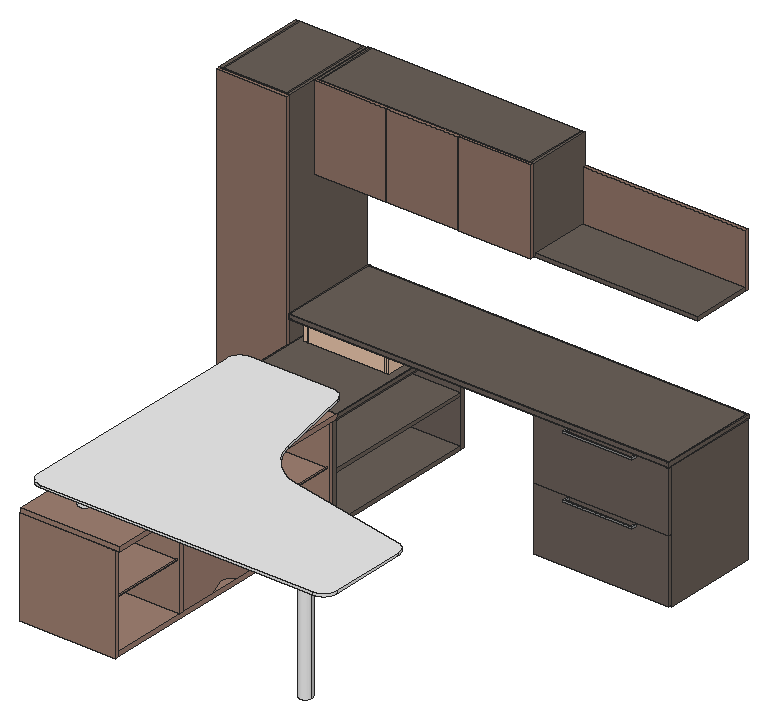
Revit family "T100240", category Furniture Systems, Revit 2022 (continued)
Definition of nested family "OFS STAKS HEIGHT ADJUSTABLE SWEEP TOP DESK 68x60 Top 22D Cabinet"
  Definition of nested family "Aptos Modular Low Height Cabinets"
    Automatic sketch dimensions
      level to Revolve 10 sketch curve = 0' - 0.28743"
      level to Revolve 10 sketch curve = 0' - 0.14371"
      Revolve 10 sketch curve to Revolve 10 sketch curve = 0' - 0"
      Revolve 10 sketch curve to plane 15 = 0' - 0 1/4"
      Revolve 11 sketch curve to plane 14 = 0' - 0"
      Revolve 11 sketch curve to level = 0' - 0"
      Revolve 11 sketch curve to plane 3 "Center Left/Right" = 0' - 0"  (x2)
      Revolve 11 sketch curve to Revolve 11 sketch curve = 0' - 0 1/2"  (x3)
      level to Revolve 11 sketch curve = 0' - 0.14371"
      level to Revolve 11 sketch curve = 0' - 0.28743"
      Revolve 11 sketch curve to Revolve 11 sketch curve = 0' - 0"
      Revolve 11 sketch curve to plane 15 = 0' - 0 1/4"
      Extrusion 12 sketch curve to plane 5 "Front End" = 0' - 0"
      Extrusion 12 sketch curve to plane 1 "Center Front/Back" = 0' - 0 3/4"
      Extrusion 13 sketch curve to plane 17 = 0' - 0"
      Extrusion 13 sketch curve to plane 26 = 0' - 0"
      Extrusion 13 sketch curve to plane 30 = 0' - 0"
      plane 32 to Extrusion 13 sketch curve = 0' - 0"
      Extrusion 14 sketch curve to plane 10 = 0' - 0"
      Extrusion 14 sketch curve to plane 28 = 0' - 0"
      Extrusion 14 sketch curve to plane 29 = 3' - 2 3/8"
      plane 1 "Center Front/Back" to Extrusion 14 sketch curve = 0' - 0"
      Extrusion 15 sketch curve to plane 12 = 0' - 0"
      Extrusion 15 sketch curve to plane 16 = 0' - 0"
      Extrusion 15 sketch curve to plane 11 = 0' - 0"
      Extrusion 15 sketch curve to plane 32 = 0' - 0"
      Extrusion 15 sketch curve to plane 16 = 0' - 0 1/2"
      plane 11 to Extrusion 15 sketch curve = 0' - 0 1/2"
      Extrusion 16 sketch curve to plane 12 = 0' - 0"
      Extrusion 16 sketch curve to plane 16 = 0' - 0"
      Extrusion 16 sketch curve to plane 11 = 0' - 0"
      Extrusion 16 sketch curve to plane 32 = 0' - 0"
      Extrusion 16 sketch curve to plane 16 = 0' - 0 1/2"
      plane 11 to Extrusion 16 sketch curve = 0' - 0 1/2"
      Extrusion 17 sketch curve to plane 3 "Center Left/Right" = 0' - 0"  (x2)
      Extrusion 17 sketch curve to level = 0' - 0 7/8"
      Extrusion 17 sketch curve to Extrusion 17 sketch curve = 0' - 4"  (x4)
      plane 8 "Height Top" to Extrusion 17 sketch curve = 0' - 1 3/8"
      Extrusion 17 sketch curve to Extrusion 17 sketch curve = 0' - 0"  (x2)
      Extrusion 17 sketch curve to Extrusion 17 sketch curve = 0' - 2.3652"  (x4)
      Extrusion 17 sketch curve to plane 15 = 0' - 0"
      Extrusion 17 sketch curve to plane 13 = 0' - 0"
  Definition of nested family "APTOS SWEEP ELEVATED RUNOFF WORKSURFACE RIGHT - WOOD TOP for 18D Cabinets"
    Parameters
      Width = 5' - 6"
      URL = "http://ofsbrands.com"
      Table Material = none
      Depth = 3' - 10"
      Model = "34-6646SWTER"
      Manufacturer = "OFS"
      Height = 0' - 1 3/16"
      Description = "OFS BRANDS OFS APTOS SWEEP ELEVATED RUNOFF WORKSURFACE 66\" x 46\" RIGHT OPEN END - WOOD TOP, 1.1875\" thick Solid Surface Worksurface"
      Default Elevation = 0' - 0"
      Copyright © = "© OFS BRANDS 2017"
      Catalog = "APTOS http://ofsbrands.com/products/casegoods/private-office/aptos"
      Bottom Board Offset = 2' - 4 5/16"
      Authoring Version = "Autodesk Revit Architecture 2013"
      Assembly Code = "E2020200"
      34-6658SWTERC = no
      34-6652SWTERC = no
      34-6646SWTERC = yes
    Reference planes (in)
      plane 1 "Back End": y = -1
      plane 2: z = 0
      plane 3 "Center Left/Right": x = 0
      plane 4 "Left End": x = -33
      plane 5 "Front End": y = -47
      plane 6 "Right End": x = 33
      plane 7 "Height Top": z = 29.5
      plane 8: z = 28.3125
      plane 9 "Center Front/Back": y = -24
    Forms (in)
      Extrusion 1, solid, material <- "Table Material", visible <- "34-6646SWTERC"
        sketch origin (0, 0, 0) x (1, 0, 0) y (0, 1, 0)
          loop
            arc (6.80757, -12.92304) -> (3.42015, -18.89464) -> (-2.68659, -22.03188) r 12
            line (-2.68659, -22.03188) -> (-30.54995, -27.2307)
            arc (-30.54995, -27.2307) -> (-32.30738, -28.26287) -> (-32.9997, -30.1798) r 3
            line (-32.9997, -30.1798) -> (-32.9997, -44.00011)
            arc (-32.9997, -44.00011) -> (-32.12102, -46.12143) -> (-29.9997, -47.00011) r 3
            line (-29.9997, -47.00011) -> (30, -47.00011)
            arc (30, -47.00011) -> (32.12132, -46.12143) -> (33, -44.00011) r 3
            line (33, -44.00011) -> (33, -3.99989)
            arc (33, -3.99989) -> (32.12132, -1.87857) -> (30, -0.99989) r 3
            line (30, -0.99989) -> (11.93633, -0.99989)
            arc (11.93633, -0.99989) -> (10.06759, -1.65301) -> (9.01253, -3.32799) r 3
            line (9.01253, -3.32799) -> (6.80757, -12.92304)
        from 28.3125 to 29.5
      Sweep 2, void
        path in 3D
          loop
            arc (33, -3.99989, 29.5) -> (32.12132, -1.87857, 29.5) -> (30, -0.99989, 29.5) r 3
            line (30, -0.99989, 29.5) -> (11.93633, -0.99989, 29.5)
            arc (11.93633, -0.99989, 29.5) -> (10.06759, -1.65301, 29.5) -> (9.01253, -3.32799, 29.5) r 3
            line (9.01253, -3.32799, 29.5) -> (6.80757, -12.92304, 29.5)
            arc (6.80757, -12.92304, 29.5) -> (3.42015, -18.89464, 29.5) -> (-2.68659, -22.03188, 29.5) r 12
            line (-2.68659, -22.03188, 29.5) -> (-30.54995, -27.2307, 29.5)
            arc (-30.54995, -27.2307, 29.5) -> (-32.30738, -28.26287, 29.5) -> (-32.9997, -30.1798, 29.5) r 3
            line (-32.9997, -30.1798, 29.5) -> (-32.9997, -44.00011, 29.5)
            arc (-32.9997, -44.00011, 29.5) -> (-32.12102, -46.12143, 29.5) -> (-29.9997, -47.00011, 29.5) r 3
            line (-29.9997, -47.00011, 29.5) -> (30, -47.00011, 29.5)
            arc (30, -47.00011, 29.5) -> (32.12132, -46.12143, 29.5) -> (33, -44.00011, 29.5) r 3
            line (33, -44.00011, 29.5) -> (33, -3.99989, 29.5)
        profile origin (33, -24, 29.5) x (-1, 0, 0) y (0, 0, 1)
          loop
            line (0, -1.1875) -> (2, -1.1875) -> (0, -0.4375) -> (0, -1.1875)
      Extrusion 3, solid, material <- "Table Material", visible <- "34-6646SWTERC", not visible
        sketch origin (0, -100, 0) x (1, 0, 0) y (0, 1, 0)
          loop
            arc (6.80757, -12.92304) -> (3.42015, -18.89464) -> (-2.68659, -22.03188) r 12
            line (-2.68659, -22.03188) -> (-30.54995, -27.2307)
            arc (-30.54995, -27.2307) -> (-32.30738, -28.26287) -> (-32.9997, -30.1798) r 3
            line (-32.9997, -30.1798) -> (-32.9997, -44.00011)
            arc (-32.9997, -44.00011) -> (-32.12102, -46.12143) -> (-29.9997, -47.00011) r 3
            line (-29.9997, -47.00011) -> (30, -47.00011)
            arc (30, -47.00011) -> (32.12132, -46.12143) -> (33, -44.00011) r 3
            line (33, -44.00011) -> (33, -3.99989)
            arc (33, -3.99989) -> (32.12132, -1.87857) -> (30, -0.99989) r 3
            line (30, -0.99989) -> (11.93633, -0.99989)
            arc (11.93633, -0.99989) -> (10.06759, -1.65301) -> (9.01253, -3.32799) r 3
            line (9.01253, -3.32799) -> (6.80757, -12.92304)
        from 28.3125 to 29.5
      Sweep 4, void, not visible
        path in 3D
          loop
            arc (33, -103.99989, 29.5) -> (32.12132, -101.87857, 29.5) -> (30, -100.99989, 29.5) r 3
            line (30, -100.99989, 29.5) -> (11.93633, -100.99989, 29.5)
            arc (11.93633, -100.99989, 29.5) -> (10.06759, -101.65301, 29.5) -> (9.01253, -103.32799, 29.5) r 3
            line (9.01253, -103.32799, 29.5) -> (6.80757, -112.92304, 29.5)
            arc (6.80757, -112.92304, 29.5) -> (3.42015, -118.89464, 29.5) -> (-2.68659, -122.03188, 29.5) r 12
            line (-2.68659, -122.03188, 29.5) -> (-30.54995, -127.2307, 29.5)
            arc (-30.54995, -127.2307, 29.5) -> (-32.30738, -128.26287, 29.5) -> (-32.9997, -130.1798, 29.5) r 3
            line (-32.9997, -130.1798, 29.5) -> (-32.9997, -144.00011, 29.5)
            arc (-32.9997, -144.00011, 29.5) -> (-32.12102, -146.12143, 29.5) -> (-29.9997, -147.00011, 29.5) r 3
            line (-29.9997, -147.00011, 29.5) -> (30, -147.00011, 29.5)
            arc (30, -147.00011, 29.5) -> (32.12132, -146.12143, 29.5) -> (33, -144.00011, 29.5) r 3
            line (33, -144.00011, 29.5) -> (33, -103.99989, 29.5)
        profile origin (33, -124, 29.5) x (-1, 0, 0) y (0, 0, 1)
          loop
            line (0, -1.1875) -> (2, -1.1875) -> (0, -0.4375) -> (0, -1.1875)
      Extrusion 5, solid, material <- "Table Material", visible <- "34-6652SWTERC"
        sketch origin (0, 0, 0) x (-1, 0, 0) y (0, -1, 0)
          loop
            arc (-5.28656, 16.00453) -> (-1.93262, 21.87607) -> (4.0634, 25.00205) r 12
            line (4.0634, 25.00205) -> (30.58089, 30.23844)
            arc (30.58089, 30.23844) -> (32.31741, 31.27682) -> (32.9997, 33.1816) r 3
            line (32.9997, 33.1816) -> (32.9997, 47.00011)
            arc (32.9997, 47.00011) -> (32.12102, 49.12143) -> (29.9997, 50.00011) r 3
            line (29.9997, 50.00011) -> (-30, 50.00011)
            arc (-30, 50.00011) -> (-32.12132, 49.12143) -> (-33, 47.00011) r 3
            line (-33, 47.00011) -> (-33, 0.99989)
            arc (-33, 0.99989) -> (-32.12132, -1.12143) -> (-30, -2.00011) r 3
            line (-30, -2.00011) -> (-11.93684, -2.00011)
            arc (-11.93684, -2.00011) -> (-10.07692, -1.35398) -> (-9.01817, 0.3061) r 3
            line (-9.01817, 0.3061) -> (-5.28656, 16.00453)
        from 28.3125 to 29.5
      Sweep 6, void
        path in 3D
          loop
            arc (33, -0.99989, 29.5) -> (32.12132, 1.12143, 29.5) -> (30, 2.00011, 29.5) r 3
            line (30, 2.00011, 29.5) -> (11.93684, 2.00011, 29.5)
            arc (11.93684, 2.00011, 29.5) -> (10.07692, 1.35398, 29.5) -> (9.01817, -0.3061, 29.5) r 3
            line (9.01817, -0.3061, 29.5) -> (5.28656, -16.00453, 29.5)
            arc (5.28656, -16.00453, 29.5) -> (1.93262, -21.87607, 29.5) -> (-4.0634, -25.00205, 29.5) r 12
            line (-4.0634, -25.00205, 29.5) -> (-30.58089, -30.23844, 29.5)
            arc (-30.58089, -30.23844, 29.5) -> (-32.31741, -31.27682, 29.5) -> (-32.9997, -33.1816, 29.5) r 3
            line (-32.9997, -33.1816, 29.5) -> (-32.9997, -47.00011, 29.5)
            arc (-32.9997, -47.00011, 29.5) -> (-32.12102, -49.12143, 29.5) -> (-29.9997, -50.00011, 29.5) r 3
            line (-29.9997, -50.00011, 29.5) -> (30, -50.00011, 29.5)
            arc (30, -50.00011, 29.5) -> (32.12132, -49.12143, 29.5) -> (33, -47.00011, 29.5) r 3
            line (33, -47.00011, 29.5) -> (33, -0.99989, 29.5)
        profile origin (33, -24, 29.5) x (-1, 0, 0) y (0, 0, 1)
          loop
            line (0, -1.1875) -> (2, -1.1875) -> (0, -0.4375) -> (0, -1.1875)
      Extrusion 7, solid, material <- "Table Material", visible <- "34-6652SWTERC", not visible
        sketch origin (0, 0, 0) x (-1, 0, 0) y (0, -1, 0)
          loop
            arc (-5.28656, 16.00453) -> (-1.93262, 21.87607) -> (4.0634, 25.00205) r 12
            line (4.0634, 25.00205) -> (30.58089, 30.23844)
            arc (30.58089, 30.23844) -> (32.31741, 31.27682) -> (32.9997, 33.1816) r 3
            line (32.9997, 33.1816) -> (32.9997, 47.00011)
            arc (32.9997, 47.00011) -> (32.12102, 49.12143) -> (29.9997, 50.00011) r 3
            line (29.9997, 50.00011) -> (-30, 50.00011)
            arc (-30, 50.00011) -> (-32.12132, 49.12143) -> (-33, 47.00011) r 3
            line (-33, 47.00011) -> (-33, 0.99989)
            arc (-33, 0.99989) -> (-32.12132, -1.12143) -> (-30, -2.00011) r 3
            line (-30, -2.00011) -> (-11.93684, -2.00011)
            arc (-11.93684, -2.00011) -> (-10.07692, -1.35398) -> (-9.01817, 0.3061) r 3
            line (-9.01817, 0.3061) -> (-5.28656, 16.00453)
        from 28.3125 to 29.5
      Sweep 8, void, not visible
        path in 3D
          loop
            arc (33, -0.99989, 29.5) -> (32.12132, 1.12143, 29.5) -> (30, 2.00011, 29.5) r 3
            line (30, 2.00011, 29.5) -> (11.93684, 2.00011, 29.5)
            arc (11.93684, 2.00011, 29.5) -> (10.07692, 1.35398, 29.5) -> (9.01817, -0.3061, 29.5) r 3
            line (9.01817, -0.3061, 29.5) -> (5.28656, -16.00453, 29.5)
            arc (5.28656, -16.00453, 29.5) -> (1.93262, -21.87607, 29.5) -> (-4.0634, -25.00205, 29.5) r 12
            line (-4.0634, -25.00205, 29.5) -> (-30.58089, -30.23844, 29.5)
            arc (-30.58089, -30.23844, 29.5) -> (-32.31741, -31.27682, 29.5) -> (-32.9997, -33.1816, 29.5) r 3
            line (-32.9997, -33.1816, 29.5) -> (-32.9997, -47.00011, 29.5)
            arc (-32.9997, -47.00011, 29.5) -> (-32.12102, -49.12143, 29.5) -> (-29.9997, -50.00011, 29.5) r 3
            line (-29.9997, -50.00011, 29.5) -> (30, -50.00011, 29.5)
            arc (30, -50.00011, 29.5) -> (32.12132, -49.12143, 29.5) -> (33, -47.00011, 29.5) r 3
            line (33, -47.00011, 29.5) -> (33, -0.99989, 29.5)
        profile origin (33, -24, 29.5) x (-1, 0, 0) y (0, 0, 1)
          loop
            line (0, -1.1875) -> (2, -1.1875) -> (0, -0.4375) -> (0, -1.1875)
      Extrusion 9, solid, material <- "Table Material", visible <- "34-6658SWTERC"
        sketch origin (0, 0, 0) x (1, 0, 0) y (0, 1, 0)
          loop
            arc (5.38443, -15.56872) -> (2.09458, -21.71956) -> (-4.06049, -25.00147) r 12
            line (-4.06049, -25.00147) -> (-30.58089, -30.23844)
            arc (-30.58089, -30.23844) -> (-32.31741, -31.27682) -> (-32.9997, -33.1816) r 3
            line (-32.9997, -33.1816) -> (-32.9997, -50.00011)
            arc (-32.9997, -50.00011) -> (-32.12102, -52.12143) -> (-29.9997, -53.00011) r 3
            line (-29.9997, -53.00011) -> (30, -53.00011)
            arc (30, -53.00011) -> (32.12132, -52.12143) -> (33, -50.00011) r 3
            line (33, -50.00011) -> (33, 2.00011)
            arc (33, 2.00011) -> (32.12132, 4.12143) -> (30, 5.00011) r 3
            line (30, 5.00011) -> (11.93598, 5.00011)
            arc (11.93598, 5.00011) -> (10.03268, 4.31905) -> (8.99356, 2.58509) r 3
            line (8.99356, 2.58509) -> (5.38443, -15.56872)
        from 28.3125 to 29.5
      Sweep 10, void
        path in 3D
          loop
            arc (30, -53.00011, 29.5) -> (32.12132, -52.12143, 29.5) -> (33, -50.00011, 29.5) r 3
            line (33, -50.00011, 29.5) -> (33, 2.00011, 29.5)
            arc (33, 2.00011, 29.5) -> (32.12132, 4.12143, 29.5) -> (30, 5.00011, 29.5) r 3
            line (30, 5.00011, 29.5) -> (11.93598, 5.00011, 29.5)
            arc (11.93598, 5.00011, 29.5) -> (10.03268, 4.31905, 29.5) -> (8.99356, 2.58509, 29.5) r 3
            line (8.99356, 2.58509, 29.5) -> (5.38443, -15.56872, 29.5)
            arc (5.38443, -15.56872, 29.5) -> (2.09458, -21.71956, 29.5) -> (-4.06049, -25.00147, 29.5) r 12
            line (-4.06049, -25.00147, 29.5) -> (-30.58089, -30.23844, 29.5)
            arc (-30.58089, -30.23844, 29.5) -> (-32.31741, -31.27682, 29.5) -> (-32.9997, -33.1816, 29.5) r 3
            line (-32.9997, -33.1816, 29.5) -> (-32.9997, -50.00011, 29.5)
            arc (-32.9997, -50.00011, 29.5) -> (-32.12102, -52.12143, 29.5) -> (-29.9997, -53.00011, 29.5) r 3
            line (-29.9997, -53.00011, 29.5) -> (30, -53.00011, 29.5)
        profile origin (0.00015, -53.00011, 29.5) x (0, 1, 0) y (0, 0, 1)
          loop
            line (0, -1.1875) -> (2, -1.1875) -> (0, -0.4375) -> (0, -1.1875)
      Extrusion 11, solid, material <- "Table Material", visible <- "34-6658SWTERC", not visible
        sketch origin (0, 0, 0) x (1, 0, 0) y (0, 1, 0)
          loop
            arc (5.38443, -15.56872) -> (2.09458, -21.71956) -> (-4.06049, -25.00147) r 12
            line (-4.06049, -25.00147) -> (-30.58089, -30.23844)
            arc (-30.58089, -30.23844) -> (-32.31741, -31.27682) -> (-32.9997, -33.1816) r 3
            line (-32.9997, -33.1816) -> (-32.9997, -50.00011)
            arc (-32.9997, -50.00011) -> (-32.12102, -52.12143) -> (-29.9997, -53.00011) r 3
            line (-29.9997, -53.00011) -> (30, -53.00011)
            arc (30, -53.00011) -> (32.12132, -52.12143) -> (33, -50.00011) r 3
            line (33, -50.00011) -> (33, 2.00011)
            arc (33, 2.00011) -> (32.12132, 4.12143) -> (30, 5.00011) r 3
            line (30, 5.00011) -> (11.93598, 5.00011)
            arc (11.93598, 5.00011) -> (10.03268, 4.31905) -> (8.99356, 2.58509) r 3
            line (8.99356, 2.58509) -> (5.38443, -15.56872)
        from 28.3125 to 29.5
      Sweep 12, void, not visible
        path in 3D
          loop
            arc (30, -53.00011, 29.5) -> (32.12132, -52.12143, 29.5) -> (33, -50.00011, 29.5) r 3
            line (33, -50.00011, 29.5) -> (33, 2.00011, 29.5)
            arc (33, 2.00011, 29.5) -> (32.12132, 4.12143, 29.5) -> (30, 5.00011, 29.5) r 3
            line (30, 5.00011, 29.5) -> (11.93598, 5.00011, 29.5)
            arc (11.93598, 5.00011, 29.5) -> (10.03268, 4.31905, 29.5) -> (8.99356, 2.58509, 29.5) r 3
            line (8.99356, 2.58509, 29.5) -> (5.38443, -15.56872, 29.5)
            arc (5.38443, -15.56872, 29.5) -> (2.09458, -21.71956, 29.5) -> (-4.06049, -25.00147, 29.5) r 12
            line (-4.06049, -25.00147, 29.5) -> (-30.58089, -30.23844, 29.5)
            arc (-30.58089, -30.23844, 29.5) -> (-32.31741, -31.27682, 29.5) -> (-32.9997, -33.1816, 29.5) r 3
            line (-32.9997, -33.1816, 29.5) -> (-32.9997, -50.00011, 29.5)
            arc (-32.9997, -50.00011, 29.5) -> (-32.12102, -52.12143, 29.5) -> (-29.9997, -53.00011, 29.5) r 3
            line (-29.9997, -53.00011, 29.5) -> (30, -53.00011, 29.5)
        profile origin (0.00015, -53.00011, 29.5) x (0, 1, 0) y (0, 0, 1)
          loop
            line (0, -1.1875) -> (2, -1.1875) -> (0, -0.4375) -> (0, -1.1875)
    Cuts and joins
      Sweep 2 cuts Extrusion 1
      Sweep 6 cuts Extrusion 5
      Sweep 10 cuts Extrusion 9
    Lines and regions (in)
      sketch lines
        curve 1: line (33, -44.00011, 29.5) -> (33, -3.99989, 29.5)
        curve 2: arc (30, -0.99989, 29.5) -> (32.12132, -1.87857, 29.5) -> (33, -3.99989, 29.5) r 3
        curve 3: line (30, -0.99989, 29.5) -> (11.93633, -0.99989, 29.5)
        curve 4: arc (9.01253, -3.32799, 29.5) -> (10.06759, -1.65301, 29.5) -> (11.93633, -0.99989, 29.5) r 3
        curve 5: line (9.01253, -3.32799, 29.5) -> (6.80757, -12.92304, 29.5)
        curve 6: arc (-2.68659, -22.03188, 29.5) -> (3.42015, -18.89464, 29.5) -> (6.80757, -12.92304, 29.5) r 12
        curve 7: line (-2.68659, -22.03188, 29.5) -> (-30.54995, -27.2307, 29.5)
        curve 8: arc (-32.9997, -30.1798, 29.5) -> (-32.30738, -28.26287, 29.5) -> (-30.54995, -27.2307, 29.5) r 3
        curve 9: line (-32.9997, -30.1798, 29.5) -> (-32.9997, -44.00011, 29.5)
        curve 10: arc (-29.9997, -47.00011, 29.5) -> (-32.12102, -46.12143, 29.5) -> (-32.9997, -44.00011, 29.5) r 3
        curve 11: line (-29.9997, -47.00011, 29.5) -> (30, -47.00011, 29.5)
        curve 12: arc (33, -44.00011, 29.5) -> (32.12132, -46.12143, 29.5) -> (30, -47.00011, 29.5) r 3
        curve 25: line (33, -47.00011, 29.5) -> (33, -0.99989, 29.5)
        curve 26: arc (30, 2.00011, 29.5) -> (32.12132, 1.12143, 29.5) -> (33, -0.99989, 29.5) r 3
        curve 27: line (30, 2.00011, 29.5) -> (11.93684, 2.00011, 29.5)
        curve 28: arc (9.01817, -0.3061, 29.5) -> (10.07692, 1.35398, 29.5) -> (11.93684, 2.00011, 29.5) r 3
        curve 29: line (9.01817, -0.3061, 29.5) -> (5.28656, -16.00453, 29.5)
        curve 30: arc (-4.0634, -25.00205, 29.5) -> (1.93262, -21.87607, 29.5) -> (5.28656, -16.00453, 29.5) r 12
        curve 31: line (-4.0634, -25.00205, 29.5) -> (-30.58089, -30.23844, 29.5)
        curve 32: arc (-32.9997, -33.1816, 29.5) -> (-32.31741, -31.27682, 29.5) -> (-30.58089, -30.23844, 29.5) r 3
        curve 33: line (-32.9997, -33.1816, 29.5) -> (-32.9997, -47.00011, 29.5)
        curve 34: arc (-29.9997, -50.00011, 29.5) -> (-32.12102, -49.12143, 29.5) -> (-32.9997, -47.00011, 29.5) r 3
        curve 35: line (-29.9997, -50.00011, 29.5) -> (30, -50.00011, 29.5)
        curve 36: arc (33, -47.00011, 29.5) -> (32.12132, -49.12143, 29.5) -> (30, -50.00011, 29.5) r 3
        curve 49: line (-29.9997, -53.00011, 29.5) -> (30, -53.00011, 29.5)
        curve 50: arc (33, -50.00011, 29.5) -> (32.12132, -52.12143, 29.5) -> (30, -53.00011, 29.5) r 3
        curve 51: line (33, -50.00011, 29.5) -> (33, 2.00011, 29.5)
        curve 52: arc (30, 5.00011, 29.5) -> (32.12132, 4.12143, 29.5) -> (33, 2.00011, 29.5) r 3
        curve 53: line (30, 5.00011, 29.5) -> (11.93598, 5.00011, 29.5)
        curve 54: arc (8.99356, 2.58509, 29.5) -> (10.03268, 4.31905, 29.5) -> (11.93598, 5.00011, 29.5) r 3
        curve 55: line (8.99356, 2.58509, 29.5) -> (5.38443, -15.56872, 29.5)
        curve 56: arc (-4.06049, -25.00147, 29.5) -> (2.09458, -21.71956, 29.5) -> (5.38443, -15.56872, 29.5) r 12
        curve 57: line (-4.06049, -25.00147, 29.5) -> (-30.58089, -30.23844, 29.5)
        curve 58: arc (-32.9997, -33.1816, 29.5) -> (-32.31741, -31.27682, 29.5) -> (-30.58089, -30.23844, 29.5) r 3
        curve 59: line (-32.9997, -33.1816, 29.5) -> (-32.9997, -50.00011, 29.5)
        curve 60: arc (-29.9997, -53.00011, 29.5) -> (-32.12102, -52.12143, 29.5) -> (-32.9997, -50.00011, 29.5) r 3
      sketch lines, not visible
        curve 13: line (33, -144.00011, 29.5) -> (33, -103.99989, 29.5)
        curve 14: arc (30, -100.99989, 29.5) -> (32.12132, -101.87857, 29.5) -> (33, -103.99989, 29.5) r 3
        curve 15: line (30, -100.99989, 29.5) -> (11.93633, -100.99989, 29.5)
        curve 16: arc (9.01253, -103.32799, 29.5) -> (10.06759, -101.65301, 29.5) -> (11.93633, -100.99989, 29.5) r 3
        curve 17: line (9.01253, -103.32799, 29.5) -> (6.80757, -112.92304, 29.5)
        curve 18: arc (-2.68659, -122.03188, 29.5) -> (3.42015, -118.89464, 29.5) -> (6.80757, -112.92304, 29.5) r 12
        curve 19: line (-2.68659, -122.03188, 29.5) -> (-30.54995, -127.2307, 29.5)
        curve 20: arc (-32.9997, -130.1798, 29.5) -> (-32.30738, -128.26287, 29.5) -> (-30.54995, -127.2307, 29.5) r 3
        curve 21: line (-32.9997, -130.1798, 29.5) -> (-32.9997, -144.00011, 29.5)
        curve 22: arc (-29.9997, -147.00011, 29.5) -> (-32.12102, -146.12143, 29.5) -> (-32.9997, -144.00011, 29.5) r 3
        curve 23: line (-29.9997, -147.00011, 29.5) -> (30, -147.00011, 29.5)
        curve 24: arc (33, -144.00011, 29.5) -> (32.12132, -146.12143, 29.5) -> (30, -147.00011, 29.5) r 3
        curve 37: line (33, -47.00011, 29.5) -> (33, -0.99989, 29.5)
        curve 38: arc (30, 2.00011, 29.5) -> (32.12132, 1.12143, 29.5) -> (33, -0.99989, 29.5) r 3
        curve 39: line (30, 2.00011, 29.5) -> (11.93684, 2.00011, 29.5)
        curve 40: arc (9.01817, -0.3061, 29.5) -> (10.07692, 1.35398, 29.5) -> (11.93684, 2.00011, 29.5) r 3
        curve 41: line (9.01817, -0.3061, 29.5) -> (5.28656, -16.00453, 29.5)
        curve 42: arc (-4.0634, -25.00205, 29.5) -> (1.93262, -21.87607, 29.5) -> (5.28656, -16.00453, 29.5) r 12
        curve 43: line (-4.0634, -25.00205, 29.5) -> (-30.58089, -30.23844, 29.5)
        curve 44: arc (-32.9997, -33.1816, 29.5) -> (-32.31741, -31.27682, 29.5) -> (-30.58089, -30.23844, 29.5) r 3
        curve 45: line (-32.9997, -33.1816, 29.5) -> (-32.9997, -47.00011, 29.5)
        curve 46: arc (-29.9997, -50.00011, 29.5) -> (-32.12102, -49.12143, 29.5) -> (-32.9997, -47.00011, 29.5) r 3
        curve 47: line (-29.9997, -50.00011, 29.5) -> (30, -50.00011, 29.5)
        curve 48: arc (33, -47.00011, 29.5) -> (32.12132, -49.12143, 29.5) -> (30, -50.00011, 29.5) r 3
        curve 61: line (-29.9997, -53.00011, 29.5) -> (30, -53.00011, 29.5)
        curve 62: arc (33, -50.00011, 29.5) -> (32.12132, -52.12143, 29.5) -> (30, -53.00011, 29.5) r 3
        curve 63: line (33, -50.00011, 29.5) -> (33, 2.00011, 29.5)
        curve 64: arc (30, 5.00011, 29.5) -> (32.12132, 4.12143, 29.5) -> (33, 2.00011, 29.5) r 3
        curve 65: line (30, 5.00011, 29.5) -> (11.93598, 5.00011, 29.5)
        curve 66: arc (8.99356, 2.58509, 29.5) -> (10.03268, 4.31905, 29.5) -> (11.93598, 5.00011, 29.5) r 3
        curve 67: line (8.99356, 2.58509, 29.5) -> (5.38443, -15.56872, 29.5)
        curve 68: arc (-4.06049, -25.00147, 29.5) -> (2.09458, -21.71956, 29.5) -> (5.38443, -15.56872, 29.5) r 12
        curve 69: line (-4.06049, -25.00147, 29.5) -> (-30.58089, -30.23844, 29.5)
        curve 70: arc (-32.9997, -33.1816, 29.5) -> (-32.31741, -31.27682, 29.5) -> (-30.58089, -30.23844, 29.5) r 3
        curve 71: line (-32.9997, -33.1816, 29.5) -> (-32.9997, -50.00011, 29.5)
        curve 72: arc (-29.9997, -53.00011, 29.5) -> (-32.12102, -52.12143, 29.5) -> (-32.9997, -50.00011, 29.5) r 3
    Dimensions and locks (in)
      "Height": plane 7 "Height Top" to plane 8
      "Bottom Board Offset": plane 8 to level
      "Depth": plane 5 "Front End" to plane 1 "Back End"
      equal spacing: plane 4 "Left End", plane 3 "Center Left/Right", plane 6 "Right End"
      "Width": plane 4 "Left End" to plane 6 "Right End"
      equal spacing: plane 5 "Front End", plane 9 "Center Front/Back", plane 1 "Back End"
      aligned and locked: level to plane 2
      aligned and locked: plane 7 "Height Top" to Extrusion 1
      aligned and locked: Extrusion 1 to plane 8
      aligned and locked: plane 7 "Height Top" to Extrusion 9
      aligned and locked: Extrusion 9 to plane 8
    Automatic sketch dimensions
      Extrusion 1 sketch curve to Extrusion 1 sketch curve = 0' - 3"  (x2)
      Extrusion 1 sketch curve to Extrusion 1 sketch curve = 2' - 6.31311"
      Extrusion 1 sketch curve to Extrusion 1 sketch curve = 0' - 9.49416"
      Extrusion 1 sketch curve to Extrusion 1 sketch curve = 0' - 2.20497"
      Extrusion 1 sketch curve to Extrusion 1 sketch curve = 0' - 2.92379"
      Extrusion 1 sketch curve to Extrusion 1 sketch curve = 1' - 6.06367"
      Extrusion 1 sketch curve to Extrusion 1 sketch curve = 2' - 8.68659"
      Extrusion 1 sketch curve to Extrusion 1 sketch curve = 0' - 2.44975"
      Extrusion 1 sketch curve to Extrusion 1 sketch curve = 0' - 0.55025"
      Extrusion 1 sketch curve to Extrusion 1 sketch curve = 0' - 2.20101"
      Extrusion 1 sketch curve to Extrusion 1 sketch curve = 1' - 9.96823"
      Extrusion 1 sketch curve to Extrusion 1 sketch curve = 0' - 9.10884"
      Extrusion 1 sketch curve to Extrusion 1 sketch curve = 0' - 8.92315"
      Extrusion 1 sketch curve to Extrusion 1 sketch curve = 0' - 2 21/64"
      Extrusion 1 sketch curve to Extrusion 1 sketch curve = 1' - 1 105/128"
      Sweep 2 sketch curve to profile plane = 0' - 1 3/16"
      Sweep 2 sketch curve to profile plane = 0' - 0"
      Sweep 2 sketch curve to profile plane = 0' - 2"
      Sweep 2 sketch curve to profile plane = 0' - 0 7/16"
      Extrusion 3 sketch curve to Extrusion 3 sketch curve = 0' - 3"  (x2)
      Extrusion 3 sketch curve to Extrusion 3 sketch curve = 2' - 6.31311"
      Extrusion 3 sketch curve to Extrusion 3 sketch curve = 0' - 9.49416"
      Extrusion 3 sketch curve to Extrusion 3 sketch curve = 0' - 2.20497"
      Extrusion 3 sketch curve to Extrusion 3 sketch curve = 0' - 2.92379"
      Extrusion 3 sketch curve to Extrusion 3 sketch curve = 1' - 6.06367"
      Extrusion 3 sketch curve to Extrusion 3 sketch curve = 2' - 8.68659"
      Extrusion 3 sketch curve to Extrusion 3 sketch curve = 0' - 2.44975"
      Extrusion 3 sketch curve to Extrusion 3 sketch curve = 0' - 0.55025"
      Extrusion 3 sketch curve to Extrusion 3 sketch curve = 0' - 2.20101"
      Extrusion 3 sketch curve to Extrusion 3 sketch curve = 1' - 9.96823"
      Extrusion 3 sketch curve to Extrusion 3 sketch curve = 0' - 9.10884"
      Extrusion 3 sketch curve to Extrusion 3 sketch curve = 0' - 8.92315"
      Extrusion 3 sketch curve to Extrusion 3 sketch curve = 0' - 2 21/64"
      Extrusion 3 sketch curve to Extrusion 3 sketch curve = 1' - 1 105/128"
      Sweep 4 sketch curve to profile plane = 0' - 1 3/16"
      Sweep 4 sketch curve to profile plane = 0' - 0"
      Sweep 4 sketch curve to profile plane = 0' - 2"
      Sweep 4 sketch curve to profile plane = 0' - 0 7/16"
      Extrusion 5 sketch curve to Extrusion 5 sketch curve = 0' - 2.91867"
      Extrusion 5 sketch curve to Extrusion 5 sketch curve = 0' - 0.58118"
      Sweep 6 sketch curve to profile plane = 0' - 0 7/16"
      Sweep 6 sketch curve to profile plane = 0' - 0"
      Sweep 6 sketch curve to profile plane = 0' - 2"
      Sweep 6 sketch curve to profile plane = 0' - 1 3/16"
      Extrusion 5 sketch curve to Extrusion 5 sketch curve = 0' - 3"  (x3)
      Extrusion 5 sketch curve to Extrusion 5 sketch curve = 1' - 6.06315"
      Extrusion 5 sketch curve to Extrusion 5 sketch curve = 0' - 3.73161"
      Extrusion 5 sketch curve to Extrusion 5 sketch curve = 0' - 9.34996"
      Extrusion 5 sketch curve to Extrusion 5 sketch curve = 2' - 1.9363"
      Extrusion 5 sketch curve to Extrusion 5 sketch curve = 0' - 0.58119"
      Extrusion 5 sketch curve to Extrusion 5 sketch curve = 0' - 11.6747"
      Extrusion 5 sketch curve to Extrusion 5 sketch curve = 1' - 1.81851"
      Extrusion 5 sketch curve to Extrusion 5 sketch curve = 0' - 5.23639"
      Extrusion 5 sketch curve to Extrusion 5 sketch curve = 0' - 8.99752"
      Extrusion 5 sketch curve to Extrusion 5 sketch curve = 1' - 3.00464"
      Extrusion 5 sketch curve to Extrusion 5 sketch curve = 0' - 2.30621"
      Extrusion 7 sketch curve to Extrusion 7 sketch curve = 0' - 2.91867"
      Extrusion 7 sketch curve to Extrusion 7 sketch curve = 0' - 0.58118"
      Sweep 8 sketch curve to profile plane = 0' - 0 7/16"
      Sweep 8 sketch curve to profile plane = 0' - 0"
      Sweep 8 sketch curve to profile plane = 0' - 2"
      Sweep 8 sketch curve to profile plane = 0' - 1 3/16"
      Extrusion 7 sketch curve to Extrusion 7 sketch curve = 0' - 3"  (x3)
      Extrusion 7 sketch curve to Extrusion 7 sketch curve = 1' - 6.06315"
      Extrusion 7 sketch curve to Extrusion 7 sketch curve = 0' - 3.73161"
      Extrusion 7 sketch curve to Extrusion 7 sketch curve = 0' - 9.34996"
      Extrusion 7 sketch curve to Extrusion 7 sketch curve = 2' - 1.9363"
      Extrusion 7 sketch curve to Extrusion 7 sketch curve = 0' - 0.58119"
      Extrusion 7 sketch curve to Extrusion 7 sketch curve = 0' - 11.6747"
      Extrusion 7 sketch curve to Extrusion 7 sketch curve = 1' - 1.81851"
      Extrusion 7 sketch curve to Extrusion 7 sketch curve = 0' - 5.23639"
      Extrusion 7 sketch curve to Extrusion 7 sketch curve = 0' - 8.99752"
      Extrusion 7 sketch curve to Extrusion 7 sketch curve = 1' - 3.00464"
      Extrusion 7 sketch curve to Extrusion 7 sketch curve = 0' - 2.30621"
      Extrusion 9 sketch curve to Extrusion 9 sketch curve = 0' - 2.94241"
      Extrusion 9 sketch curve to Extrusion 9 sketch curve = 0' - 0.58118"
      Sweep 10 sketch curve to profile plane = 0' - 1 3/16"
      Sweep 10 sketch curve to profile plane = 0' - 0"
      Sweep 10 sketch curve to profile plane = 0' - 2"
      Sweep 10 sketch curve to profile plane = 0' - 0 7/16"
      Extrusion 9 sketch curve to Extrusion 9 sketch curve = 0' - 2.41882"
      Extrusion 9 sketch curve to Extrusion 9 sketch curve = 0' - 3"  (x2)
      Extrusion 9 sketch curve to Extrusion 9 sketch curve = 2' - 2.5204"
      Extrusion 9 sketch curve to Extrusion 9 sketch curve = 0' - 9.44492"
      Extrusion 9 sketch curve to Extrusion 9 sketch curve = 0' - 3.60914"
      Extrusion 9 sketch curve to Extrusion 9 sketch curve = 2' - 10.06049"
      Extrusion 9 sketch curve to Extrusion 9 sketch curve = 1' - 6.06402"
      Extrusion 9 sketch curve to Extrusion 9 sketch curve = 0' - 11.76966"
      Extrusion 9 sketch curve to Extrusion 9 sketch curve = 1' - 4.81851"
      Extrusion 9 sketch curve to Extrusion 9 sketch curve = 0' - 5.23697"
      Extrusion 9 sketch curve to Extrusion 9 sketch curve = 0' - 9.43275"
      Extrusion 9 sketch curve to Extrusion 9 sketch curve = 1' - 5.56883"
      Extrusion 9 sketch curve to Extrusion 9 sketch curve = 0' - 2.41502"
      Extrusion 11 sketch curve to Extrusion 11 sketch curve = 0' - 2.94241"
      Extrusion 11 sketch curve to Extrusion 11 sketch curve = 0' - 0.58118"
      Sweep 12 sketch curve to profile plane = 0' - 1 3/16"
      Sweep 12 sketch curve to profile plane = 0' - 0"
      Sweep 12 sketch curve to profile plane = 0' - 2"
      Sweep 12 sketch curve to profile plane = 0' - 0 7/16"
      Extrusion 11 sketch curve to Extrusion 11 sketch curve = 0' - 2.41882"
      Extrusion 11 sketch curve to Extrusion 11 sketch curve = 0' - 3"  (x2)
      Extrusion 11 sketch curve to Extrusion 11 sketch curve = 2' - 2.5204"
      Extrusion 11 sketch curve to Extrusion 11 sketch curve = 0' - 9.44492"
      Extrusion 11 sketch curve to Extrusion 11 sketch curve = 0' - 3.60914"
      Extrusion 11 sketch curve to Extrusion 11 sketch curve = 2' - 10.06049"
      Extrusion 11 sketch curve to Extrusion 11 sketch curve = 1' - 6.06402"
      Extrusion 11 sketch curve to Extrusion 11 sketch curve = 0' - 11.76966"
      Extrusion 11 sketch curve to Extrusion 11 sketch curve = 1' - 4.81851"
      Extrusion 11 sketch curve to Extrusion 11 sketch curve = 0' - 5.23697"
      Extrusion 11 sketch curve to Extrusion 11 sketch curve = 0' - 9.43275"
      Extrusion 11 sketch curve to Extrusion 11 sketch curve = 1' - 5.56883"
      Extrusion 11 sketch curve to Extrusion 11 sketch curve = 0' - 2.41502"
  Definition of nested family "APTOS SWEEP ELEVATED RUNOFF WORKSURFACE LEFT - WOOD TOP for 18D Cabinets"
    Parameters
      Width = 5' - 6"
      URL = "http://ofsbrands.com"
      Table Material = none
      Depth = 3' - 10"
      Model = "34-6646SWTEL"
      Manufacturer = "OFS"
      Height = 0' - 1 3/16"
      Description = "OFS BRANDS OFS APTOS SWEEP ELEVATED RUNOFF WORKSURFACE 66\" x 46\" LEFT OPEN END - WOOD TOP, 1.1875\" thick Solid Surface Worksurface"
      Default Elevation = 0' - 0"
      Copyright © = "© OFS BRANDS 2017"
      Catalog = "APTOS http://ofsbrands.com/products/casegoods/private-office/aptos"
      Bottom Board Offset = 2' - 4 5/16"
      Authoring Version = "Autodesk Revit Architecture 2013"
      Assembly Code = "E2020200"
      34-6658SWTEL = no
      34-6652SWTEL = no
      34-6646SWTEL = yes
    Reference planes (in)
      plane 1 "Back End": y = -1
      plane 2: z = 0
      plane 3 "Center Left/Right": x = 0
      plane 4 "Left End": x = -33
      plane 5 "Front End": y = -47
      plane 6 "Right End": x = 33
      plane 7 "Height Top": z = 29.5
      plane 8: z = 28.3125
      plane 9 "Center Front/Back": y = -24
    Forms (in)
      Extrusion 1, solid, material <- "Table Material", visible <- "34-6646SWTEL"
        sketch origin (0, 0, 0) x (1, 0, 0) y (0, 1, 0)
          loop
            line (-11.93633, -0.99989) -> (-30, -0.99989)
            arc (-30, -0.99989) -> (-32.12132, -1.87857) -> (-33, -3.99989) r 3
            line (-33, -3.99989) -> (-33, -44.00011)
            arc (-33, -44.00011) -> (-32.12132, -46.12143) -> (-30, -47.00011) r 3
            line (-30, -47.00011) -> (29.9997, -47.00011)
            arc (29.9997, -47.00011) -> (32.12102, -46.12143) -> (32.9997, -44.00011) r 3
            line (32.9997, -44.00011) -> (32.9997, -30.1798)
            arc (32.9997, -30.1798) -> (32.30738, -28.26287) -> (30.54995, -27.2307) r 3
            line (30.54995, -27.2307) -> (2.68659, -22.03188)
            arc (2.68659, -22.03188) -> (-3.42015, -18.89464) -> (-6.80757, -12.92304) r 12
            line (-6.80757, -12.92304) -> (-9.01253, -3.32799)
            arc (-9.01253, -3.32799) -> (-10.06759, -1.65301) -> (-11.93633, -0.99989) r 3
        from 28.3125 to 29.5
      Sweep 2, void
        path in 3D
          loop
            arc (32.9997, -44.00011, 28.3125) -> (32.12102, -46.12143, 28.3125) -> (29.9997, -47.00011, 28.3125) r 3
            line (29.9997, -47.00011, 28.3125) -> (-30, -47.00011, 28.3125)
            arc (-30, -47.00011, 28.3125) -> (-32.12132, -46.12143, 28.3125) -> (-33, -44.00011, 28.3125) r 3
            line (-33, -44.00011, 28.3125) -> (-33, -3.99989, 28.3125)
            arc (-33, -3.99989, 28.3125) -> (-32.12132, -1.87857, 28.3125) -> (-30, -0.99989, 28.3125) r 3
            line (-30, -0.99989, 28.3125) -> (-11.93633, -0.99989, 28.3125)
            arc (-11.93633, -0.99989, 28.3125) -> (-10.06759, -1.65301, 28.3125) -> (-9.01253, -3.32799, 28.3125) r 3
            line (-9.01253, -3.32799, 28.3125) -> (-6.80757, -12.92304, 28.3125)
            arc (-6.80757, -12.92304, 28.3125) -> (-3.42015, -18.89464, 28.3125) -> (2.68659, -22.03188, 28.3125) r 12
            line (2.68659, -22.03188, 28.3125) -> (30.54995, -27.2307, 28.3125)
            arc (30.54995, -27.2307, 28.3125) -> (32.30738, -28.26287, 28.3125) -> (32.9997, -30.1798, 28.3125) r 3
            line (32.9997, -30.1798, 28.3125) -> (32.9997, -44.00011, 28.3125)
        profile origin (32.9997, -37.08996, 28.3125) x (-1, 0, 0) y (0, 0, -1)
          loop
            line (0, 0) -> (0, -0.6875) -> (2, 0) -> (0, 0)
      Extrusion 3, solid, material <- "Table Material", visible <- "34-6646SWTEL", not visible
        sketch origin (0, 0, 0) x (1, 0, 0) y (0, 1, 0)
          loop
            line (-11.93633, -0.99989) -> (-30, -0.99989)
            arc (-30, -0.99989) -> (-32.12132, -1.87857) -> (-33, -3.99989) r 3
            line (-33, -3.99989) -> (-33, -44.00011)
            arc (-33, -44.00011) -> (-32.12132, -46.12143) -> (-30, -47.00011) r 3
            line (-30, -47.00011) -> (29.9997, -47.00011)
            arc (29.9997, -47.00011) -> (32.12102, -46.12143) -> (32.9997, -44.00011) r 3
            line (32.9997, -44.00011) -> (32.9997, -30.1798)
            arc (32.9997, -30.1798) -> (32.30738, -28.26287) -> (30.54995, -27.2307) r 3
            line (30.54995, -27.2307) -> (2.68659, -22.03188)
            arc (2.68659, -22.03188) -> (-3.42015, -18.89464) -> (-6.80757, -12.92304) r 12
            line (-6.80757, -12.92304) -> (-9.01253, -3.32799)
            arc (-9.01253, -3.32799) -> (-10.06759, -1.65301) -> (-11.93633, -0.99989) r 3
        from 28.3125 to 29.5
      Sweep 4, void, not visible
        path in 3D
          loop
            arc (32.9997, -44.00011, 28.3125) -> (32.12102, -46.12143, 28.3125) -> (29.9997, -47.00011, 28.3125) r 3
            line (29.9997, -47.00011, 28.3125) -> (-30, -47.00011, 28.3125)
            arc (-30, -47.00011, 28.3125) -> (-32.12132, -46.12143, 28.3125) -> (-33, -44.00011, 28.3125) r 3
            line (-33, -44.00011, 28.3125) -> (-33, -3.99989, 28.3125)
            arc (-33, -3.99989, 28.3125) -> (-32.12132, -1.87857, 28.3125) -> (-30, -0.99989, 28.3125) r 3
            line (-30, -0.99989, 28.3125) -> (-11.93633, -0.99989, 28.3125)
            arc (-11.93633, -0.99989, 28.3125) -> (-10.06759, -1.65301, 28.3125) -> (-9.01253, -3.32799, 28.3125) r 3
            line (-9.01253, -3.32799, 28.3125) -> (-6.80757, -12.92304, 28.3125)
            arc (-6.80757, -12.92304, 28.3125) -> (-3.42015, -18.89464, 28.3125) -> (2.68659, -22.03188, 28.3125) r 12
            line (2.68659, -22.03188, 28.3125) -> (30.54995, -27.2307, 28.3125)
            arc (30.54995, -27.2307, 28.3125) -> (32.30738, -28.26287, 28.3125) -> (32.9997, -30.1798, 28.3125) r 3
            line (32.9997, -30.1798, 28.3125) -> (32.9997, -44.00011, 28.3125)
        profile origin (32.9997, -37.08996, 28.3125) x (-1, 0, 0) y (0, 0, -1)
          loop
            line (0, 0) -> (0, -0.6875) -> (2, 0) -> (0, 0)
      Extrusion 5, solid, material <- "Table Material", visible <- "34-6652SWTEL"
        sketch origin (0, 0, 0) x (1, 0, 0) y (0, 1, 0)
          loop
            line (-33, -0.99989) -> (-33, -47.00011)
            arc (-33, -47.00011) -> (-32.12132, -49.12143) -> (-30, -50.00011) r 3
            line (-30, -50.00011) -> (29.9997, -50.00011)
            arc (29.9997, -50.00011) -> (32.12102, -49.12143) -> (32.9997, -47.00011) r 3
            line (32.9997, -47.00011) -> (32.9997, -33.1816)
            arc (32.9997, -33.1816) -> (32.31741, -31.27682) -> (30.58089, -30.23844) r 3
            line (30.58089, -30.23844) -> (4.0634, -25.00205)
            arc (4.0634, -25.00205) -> (-1.93262, -21.87607) -> (-5.28656, -16.00453) r 12
            line (-5.28656, -16.00453) -> (-9.01817, -0.3061)
            arc (-9.01817, -0.3061) -> (-10.07692, 1.35398) -> (-11.93684, 2.00011) r 3
            line (-11.93684, 2.00011) -> (-30, 2.00011)
            arc (-30, 2.00011) -> (-32.12132, 1.12143) -> (-33, -0.99989) r 3
        from 28.3125 to 29.5
      Sweep 6, void
        path in 3D
          loop
            arc (-30, 2.00011, 29.5) -> (-32.12132, 1.12143, 29.5) -> (-33, -0.99989, 29.5) r 3
            line (-33, -0.99989, 29.5) -> (-33, -47.00011, 29.5)
            arc (-33, -47.00011, 29.5) -> (-32.12132, -49.12143, 29.5) -> (-30, -50.00011, 29.5) r 3
            line (-30, -50.00011, 29.5) -> (29.9997, -50.00011, 29.5)
            arc (29.9997, -50.00011, 29.5) -> (32.12102, -49.12143, 29.5) -> (32.9997, -47.00011, 29.5) r 3
            line (32.9997, -47.00011, 29.5) -> (32.9997, -33.1816, 29.5)
            arc (32.9997, -33.1816, 29.5) -> (32.31741, -31.27682, 29.5) -> (30.58089, -30.23844, 29.5) r 3
            line (30.58089, -30.23844, 29.5) -> (4.0634, -25.00205, 29.5)
            arc (4.0634, -25.00205, 29.5) -> (-1.93262, -21.87607, 29.5) -> (-5.28656, -16.00453, 29.5) r 12
            line (-5.28656, -16.00453, 29.5) -> (-9.01817, -0.3061, 29.5)
            arc (-9.01817, -0.3061, 29.5) -> (-10.07692, 1.35398, 29.5) -> (-11.93684, 2.00011, 29.5) r 3
            line (-11.93684, 2.00011, 29.5) -> (-30, 2.00011, 29.5)
        profile origin (-20.96842, 2.00011, 29.5) x (0, -1, 0) y (0, 0, 1)
          loop
            line (0, -1.1875) -> (2, -1.1875) -> (0, -0.5) -> (0, -1.1875)
      Extrusion 7, solid, material <- "Table Material", visible <- "34-6652SWTEL", not visible
        sketch origin (0, 0, 0) x (1, 0, 0) y (0, 1, 0)
          loop
            line (-33, -0.99989) -> (-33, -47.00011)
            arc (-33, -47.00011) -> (-32.12132, -49.12143) -> (-30, -50.00011) r 3
            line (-30, -50.00011) -> (29.9997, -50.00011)
            arc (29.9997, -50.00011) -> (32.12102, -49.12143) -> (32.9997, -47.00011) r 3
            line (32.9997, -47.00011) -> (32.9997, -33.1816)
            arc (32.9997, -33.1816) -> (32.31741, -31.27682) -> (30.58089, -30.23844) r 3
            line (30.58089, -30.23844) -> (4.0634, -25.00205)
            arc (4.0634, -25.00205) -> (-1.93262, -21.87607) -> (-5.28656, -16.00453) r 12
            line (-5.28656, -16.00453) -> (-9.01817, -0.3061)
            arc (-9.01817, -0.3061) -> (-10.07692, 1.35398) -> (-11.93684, 2.00011) r 3
            line (-11.93684, 2.00011) -> (-30, 2.00011)
            arc (-30, 2.00011) -> (-32.12132, 1.12143) -> (-33, -0.99989) r 3
        from 28.3125 to 29.5
      Sweep 8, void, not visible
        path in 3D
          loop
            arc (-30, 2.00011, 29.5) -> (-32.12132, 1.12143, 29.5) -> (-33, -0.99989, 29.5) r 3
            line (-33, -0.99989, 29.5) -> (-33, -47.00011, 29.5)
            arc (-33, -47.00011, 29.5) -> (-32.12132, -49.12143, 29.5) -> (-30, -50.00011, 29.5) r 3
            line (-30, -50.00011, 29.5) -> (29.9997, -50.00011, 29.5)
            arc (29.9997, -50.00011, 29.5) -> (32.12102, -49.12143, 29.5) -> (32.9997, -47.00011, 29.5) r 3
            line (32.9997, -47.00011, 29.5) -> (32.9997, -33.1816, 29.5)
            arc (32.9997, -33.1816, 29.5) -> (32.31741, -31.27682, 29.5) -> (30.58089, -30.23844, 29.5) r 3
            line (30.58089, -30.23844, 29.5) -> (4.0634, -25.00205, 29.5)
            arc (4.0634, -25.00205, 29.5) -> (-1.93262, -21.87607, 29.5) -> (-5.28656, -16.00453, 29.5) r 12
            line (-5.28656, -16.00453, 29.5) -> (-9.01817, -0.3061, 29.5)
            arc (-9.01817, -0.3061, 29.5) -> (-10.07692, 1.35398, 29.5) -> (-11.93684, 2.00011, 29.5) r 3
            line (-11.93684, 2.00011, 29.5) -> (-30, 2.00011, 29.5)
        profile origin (-20.96842, 2.00011, 29.5) x (0, -1, 0) y (0, 0, 1)
          loop
            line (0, -1.1875) -> (2, -1.1875) -> (0, -0.5) -> (0, -1.1875)
      Extrusion 9, solid, material <- "Table Material", visible <- "34-6658SWTEL"
        sketch origin (0, 0, 0) x (1, 0, 0) y (0, 1, 0)
          loop
            line (-5.38443, -15.56872) -> (-8.99356, 2.58509)
            arc (-8.99356, 2.58509) -> (-10.03268, 4.31905) -> (-11.93598, 5.00011) r 3
            line (-11.93598, 5.00011) -> (-30, 5.00011)
            arc (-30, 5.00011) -> (-32.12132, 4.12143) -> (-33, 2.00011) r 3
            line (-33, 2.00011) -> (-33, -50.00011)
            arc (-33, -50.00011) -> (-32.12132, -52.12143) -> (-30, -53.00011) r 3
            line (-30, -53.00011) -> (29.9997, -53.00011)
            arc (29.9997, -53.00011) -> (32.12102, -52.12143) -> (32.9997, -50.00011) r 3
            line (32.9997, -50.00011) -> (32.9997, -33.1816)
            arc (32.9997, -33.1816) -> (32.31741, -31.27682) -> (30.58089, -30.23844) r 3
            line (30.58089, -30.23844) -> (4.06049, -25.00147)
            arc (4.06049, -25.00147) -> (-2.09458, -21.71956) -> (-5.38443, -15.56872) r 12
        from 28.3125 to 29.5
      Sweep 10, void
        path in 3D
          loop
            arc (32.9997, -33.1816, 29.5) -> (32.31741, -31.27682, 29.5) -> (30.58089, -30.23844, 29.5) r 3
            line (30.58089, -30.23844, 29.5) -> (4.06049, -25.00147, 29.5)
            arc (4.06049, -25.00147, 29.5) -> (-2.09458, -21.71956, 29.5) -> (-5.38443, -15.56872, 29.5) r 12
            line (-5.38443, -15.56872, 29.5) -> (-8.99356, 2.58509, 29.5)
            arc (-8.99356, 2.58509, 29.5) -> (-10.03268, 4.31905, 29.5) -> (-11.93598, 5.00011, 29.5) r 3
            line (-11.93598, 5.00011, 29.5) -> (-30, 5.00011, 29.5)
            arc (-30, 5.00011, 29.5) -> (-32.12132, 4.12143, 29.5) -> (-33, 2.00011, 29.5) r 3
            line (-33, 2.00011, 29.5) -> (-33, -50.00011, 29.5)
            arc (-33, -50.00011, 29.5) -> (-32.12132, -52.12143, 29.5) -> (-30, -53.00011, 29.5) r 3
            line (-30, -53.00011, 29.5) -> (29.9997, -53.00011, 29.5)
            arc (29.9997, -53.00011, 29.5) -> (32.12102, -52.12143, 29.5) -> (32.9997, -50.00011, 29.5) r 3
            line (32.9997, -50.00011, 29.5) -> (32.9997, -33.1816, 29.5)
        profile origin (32.9997, -41.59086, 29.5) x (-1, 0, 0) y (0, 0, 1)
          loop
            line (0, -0.5) -> (0, -1.1875) -> (2, -1.1875) -> (0, -0.5)
      Extrusion 11, solid, material <- "Table Material", visible <- "34-6658SWTEL", not visible
        sketch origin (0, 0, 0) x (1, 0, 0) y (0, 1, 0)
          loop
            line (-5.38443, -15.56872) -> (-8.99356, 2.58509)
            arc (-8.99356, 2.58509) -> (-10.03268, 4.31905) -> (-11.93598, 5.00011) r 3
            line (-11.93598, 5.00011) -> (-30, 5.00011)
            arc (-30, 5.00011) -> (-32.12132, 4.12143) -> (-33, 2.00011) r 3
            line (-33, 2.00011) -> (-33, -50.00011)
            arc (-33, -50.00011) -> (-32.12132, -52.12143) -> (-30, -53.00011) r 3
            line (-30, -53.00011) -> (29.9997, -53.00011)
            arc (29.9997, -53.00011) -> (32.12102, -52.12143) -> (32.9997, -50.00011) r 3
            line (32.9997, -50.00011) -> (32.9997, -33.1816)
            arc (32.9997, -33.1816) -> (32.31741, -31.27682) -> (30.58089, -30.23844) r 3
            line (30.58089, -30.23844) -> (4.06049, -25.00147)
            arc (4.06049, -25.00147) -> (-2.09458, -21.71956) -> (-5.38443, -15.56872) r 12
        from 28.3125 to 29.5
      Sweep 12, void, not visible
        path in 3D
          loop
            arc (32.9997, -33.1816, 29.5) -> (32.31741, -31.27682, 29.5) -> (30.58089, -30.23844, 29.5) r 3
            line (30.58089, -30.23844, 29.5) -> (4.06049, -25.00147, 29.5)
            arc (4.06049, -25.00147, 29.5) -> (-2.09458, -21.71956, 29.5) -> (-5.38443, -15.56872, 29.5) r 12
            line (-5.38443, -15.56872, 29.5) -> (-8.99356, 2.58509, 29.5)
            arc (-8.99356, 2.58509, 29.5) -> (-10.03268, 4.31905, 29.5) -> (-11.93598, 5.00011, 29.5) r 3
            line (-11.93598, 5.00011, 29.5) -> (-30, 5.00011, 29.5)
            arc (-30, 5.00011, 29.5) -> (-32.12132, 4.12143, 29.5) -> (-33, 2.00011, 29.5) r 3
            line (-33, 2.00011, 29.5) -> (-33, -50.00011, 29.5)
            arc (-33, -50.00011, 29.5) -> (-32.12132, -52.12143, 29.5) -> (-30, -53.00011, 29.5) r 3
            line (-30, -53.00011, 29.5) -> (29.9997, -53.00011, 29.5)
            arc (29.9997, -53.00011, 29.5) -> (32.12102, -52.12143, 29.5) -> (32.9997, -50.00011, 29.5) r 3
            line (32.9997, -50.00011, 29.5) -> (32.9997, -33.1816, 29.5)
        profile origin (32.9997, -41.59086, 29.5) x (-1, 0, 0) y (0, 0, 1)
          loop
            line (0, -0.5) -> (0, -1.1875) -> (2, -1.1875) -> (0, -0.5)
    Cuts and joins
      Sweep 2 cuts Extrusion 1
      Sweep 6 cuts Extrusion 5
      Sweep 10 cuts Extrusion 9
    Lines and regions (in)
      sketch lines
        curve 1: line (32.9997, -30.1798, 28.3125) -> (32.9997, -44.00011, 28.3125)
        curve 2: arc (32.9997, -30.1798, 28.3125) -> (32.30738, -28.26287, 28.3125) -> (30.54995, -27.2307, 28.3125) r 3
        curve 3: line (2.68659, -22.03188, 28.3125) -> (30.54995, -27.2307, 28.3125)
        curve 4: arc (2.68659, -22.03188, 28.3125) -> (-3.42015, -18.89464, 28.3125) -> (-6.80757, -12.92304, 28.3125) r 12
        curve 5: line (-9.01253, -3.32799, 28.3125) -> (-6.80757, -12.92304, 28.3125)
        curve 6: arc (-9.01253, -3.32799, 28.3125) -> (-10.06759, -1.65301, 28.3125) -> (-11.93633, -0.99989, 28.3125) r 3
        curve 7: line (-30, -0.99989, 28.3125) -> (-11.93633, -0.99989, 28.3125)
        curve 8: arc (-30, -0.99989, 28.3125) -> (-32.12132, -1.87857, 28.3125) -> (-33, -3.99989, 28.3125) r 3
        curve 9: line (-33, -44.00011, 28.3125) -> (-33, -3.99989, 28.3125)
        curve 10: arc (-33, -44.00011, 28.3125) -> (-32.12132, -46.12143, 28.3125) -> (-30, -47.00011, 28.3125) r 3
        curve 11: line (29.9997, -47.00011, 28.3125) -> (-30, -47.00011, 28.3125)
        curve 12: arc (29.9997, -47.00011, 28.3125) -> (32.12102, -46.12143, 28.3125) -> (32.9997, -44.00011, 28.3125) r 3
        curve 25: line (-11.93684, 2.00011, 29.5) -> (-30, 2.00011, 29.5)
        curve 26: arc (-33, -0.99989, 29.5) -> (-32.12132, 1.12143, 29.5) -> (-30, 2.00011, 29.5) r 3
        curve 27: line (-33, -0.99989, 29.5) -> (-33, -47.00011, 29.5)
        curve 28: arc (-30, -50.00011, 29.5) -> (-32.12132, -49.12143, 29.5) -> (-33, -47.00011, 29.5) r 3
        curve 29: line (-30, -50.00011, 29.5) -> (29.9997, -50.00011, 29.5)
        curve 30: arc (32.9997, -47.00011, 29.5) -> (32.12102, -49.12143, 29.5) -> (29.9997, -50.00011, 29.5) r 3
        curve 31: line (32.9997, -47.00011, 29.5) -> (32.9997, -33.1816, 29.5)
        curve 32: arc (30.58089, -30.23844, 29.5) -> (32.31741, -31.27682, 29.5) -> (32.9997, -33.1816, 29.5) r 3
        curve 33: line (30.58089, -30.23844, 29.5) -> (4.0634, -25.00205, 29.5)
        curve 34: arc (-5.28656, -16.00453, 29.5) -> (-1.93262, -21.87607, 29.5) -> (4.0634, -25.00205, 29.5) r 12
        curve 35: line (-5.28656, -16.00453, 29.5) -> (-9.01817, -0.3061, 29.5)
        curve 36: arc (-11.93684, 2.00011, 29.5) -> (-10.07692, 1.35398, 29.5) -> (-9.01817, -0.3061, 29.5) r 3
        curve 49: line (32.9997, -50.00011, 29.5) -> (32.9997, -33.1816, 29.5)
        curve 50: arc (30.58089, -30.23844, 29.5) -> (32.31741, -31.27682, 29.5) -> (32.9997, -33.1816, 29.5) r 3
        curve 51: line (30.58089, -30.23844, 29.5) -> (4.06049, -25.00147, 29.5)
        curve 52: arc (-5.38443, -15.56872, 29.5) -> (-2.09458, -21.71956, 29.5) -> (4.06049, -25.00147, 29.5) r 12
        curve 53: line (-5.38443, -15.56872, 29.5) -> (-8.99356, 2.58509, 29.5)
        curve 54: arc (-11.93598, 5.00011, 29.5) -> (-10.03268, 4.31905, 29.5) -> (-8.99356, 2.58509, 29.5) r 3
        curve 55: line (-11.93598, 5.00011, 29.5) -> (-30, 5.00011, 29.5)
        curve 56: arc (-33, 2.00011, 29.5) -> (-32.12132, 4.12143, 29.5) -> (-30, 5.00011, 29.5) r 3
        curve 57: line (-33, 2.00011, 29.5) -> (-33, -50.00011, 29.5)
        curve 58: arc (-30, -53.00011, 29.5) -> (-32.12132, -52.12143, 29.5) -> (-33, -50.00011, 29.5) r 3
        curve 59: line (-30, -53.00011, 29.5) -> (29.9997, -53.00011, 29.5)
        curve 60: arc (32.9997, -50.00011, 29.5) -> (32.12102, -52.12143, 29.5) -> (29.9997, -53.00011, 29.5) r 3
      sketch lines, not visible
        curve 13: line (32.9997, -30.1798, 28.3125) -> (32.9997, -44.00011, 28.3125)
        curve 14: arc (32.9997, -30.1798, 28.3125) -> (32.30738, -28.26287, 28.3125) -> (30.54995, -27.2307, 28.3125) r 3
        curve 15: line (2.68659, -22.03188, 28.3125) -> (30.54995, -27.2307, 28.3125)
        curve 16: arc (2.68659, -22.03188, 28.3125) -> (-3.42015, -18.89464, 28.3125) -> (-6.80757, -12.92304, 28.3125) r 12
        curve 17: line (-9.01253, -3.32799, 28.3125) -> (-6.80757, -12.92304, 28.3125)
        curve 18: arc (-9.01253, -3.32799, 28.3125) -> (-10.06759, -1.65301, 28.3125) -> (-11.93633, -0.99989, 28.3125) r 3
        curve 19: line (-30, -0.99989, 28.3125) -> (-11.93633, -0.99989, 28.3125)
        curve 20: arc (-30, -0.99989, 28.3125) -> (-32.12132, -1.87857, 28.3125) -> (-33, -3.99989, 28.3125) r 3
        curve 21: line (-33, -44.00011, 28.3125) -> (-33, -3.99989, 28.3125)
        curve 22: arc (-33, -44.00011, 28.3125) -> (-32.12132, -46.12143, 28.3125) -> (-30, -47.00011, 28.3125) r 3
        curve 23: line (29.9997, -47.00011, 28.3125) -> (-30, -47.00011, 28.3125)
        curve 24: arc (29.9997, -47.00011, 28.3125) -> (32.12102, -46.12143, 28.3125) -> (32.9997, -44.00011, 28.3125) r 3
        curve 37: line (-11.93684, 2.00011, 29.5) -> (-30, 2.00011, 29.5)
        curve 38: arc (-33, -0.99989, 29.5) -> (-32.12132, 1.12143, 29.5) -> (-30, 2.00011, 29.5) r 3
        curve 39: line (-33, -0.99989, 29.5) -> (-33, -47.00011, 29.5)
        curve 40: arc (-30, -50.00011, 29.5) -> (-32.12132, -49.12143, 29.5) -> (-33, -47.00011, 29.5) r 3
        curve 41: line (-30, -50.00011, 29.5) -> (29.9997, -50.00011, 29.5)
        curve 42: arc (32.9997, -47.00011, 29.5) -> (32.12102, -49.12143, 29.5) -> (29.9997, -50.00011, 29.5) r 3
        curve 43: line (32.9997, -47.00011, 29.5) -> (32.9997, -33.1816, 29.5)
        curve 44: arc (30.58089, -30.23844, 29.5) -> (32.31741, -31.27682, 29.5) -> (32.9997, -33.1816, 29.5) r 3
        curve 45: line (30.58089, -30.23844, 29.5) -> (4.0634, -25.00205, 29.5)
        curve 46: arc (-5.28656, -16.00453, 29.5) -> (-1.93262, -21.87607, 29.5) -> (4.0634, -25.00205, 29.5) r 12
        curve 47: line (-5.28656, -16.00453, 29.5) -> (-9.01817, -0.3061, 29.5)
        curve 48: arc (-11.93684, 2.00011, 29.5) -> (-10.07692, 1.35398, 29.5) -> (-9.01817, -0.3061, 29.5) r 3
        curve 61: line (32.9997, -50.00011, 29.5) -> (32.9997, -33.1816, 29.5)
        curve 62: arc (30.58089, -30.23844, 29.5) -> (32.31741, -31.27682, 29.5) -> (32.9997, -33.1816, 29.5) r 3
        curve 63: line (30.58089, -30.23844, 29.5) -> (4.06049, -25.00147, 29.5)
        curve 64: arc (-5.38443, -15.56872, 29.5) -> (-2.09458, -21.71956, 29.5) -> (4.06049, -25.00147, 29.5) r 12
        curve 65: line (-5.38443, -15.56872, 29.5) -> (-8.99356, 2.58509, 29.5)
        curve 66: arc (-11.93598, 5.00011, 29.5) -> (-10.03268, 4.31905, 29.5) -> (-8.99356, 2.58509, 29.5) r 3
        curve 67: line (-11.93598, 5.00011, 29.5) -> (-30, 5.00011, 29.5)
        curve 68: arc (-33, 2.00011, 29.5) -> (-32.12132, 4.12143, 29.5) -> (-30, 5.00011, 29.5) r 3
        curve 69: line (-33, 2.00011, 29.5) -> (-33, -50.00011, 29.5)
        curve 70: arc (-30, -53.00011, 29.5) -> (-32.12132, -52.12143, 29.5) -> (-33, -50.00011, 29.5) r 3
        curve 71: line (-30, -53.00011, 29.5) -> (29.9997, -53.00011, 29.5)
        curve 72: arc (32.9997, -50.00011, 29.5) -> (32.12102, -52.12143, 29.5) -> (29.9997, -53.00011, 29.5) r 3
    Dimensions and locks (in)
      "Height": plane 7 "Height Top" to plane 8
      "Bottom Board Offset": plane 8 to level
